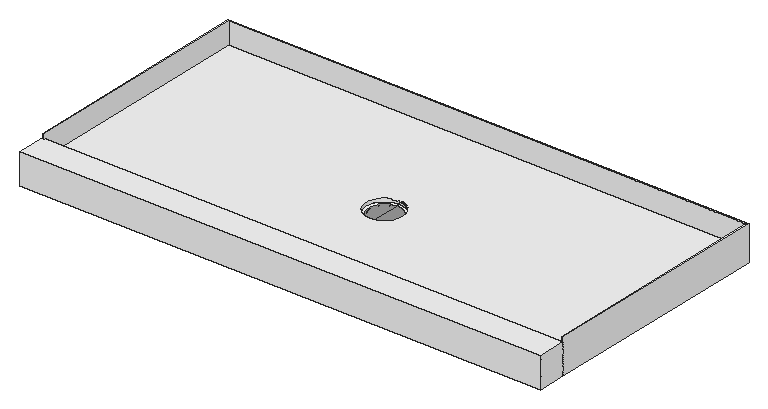
Revit family "1Plumbing-Fixture_Mincey-Marble-Manufacturing_SP-CUST-Custom-Shower-Pan", category Plumbing Fixtures, Revit 2022
Family settings
  Round Connector Dimension = Use Diameter
  Part Type = Normal
  OmniClass Number = 23.45.05.14.11.21
  Work Plane-Based = No
  Always vertical = Yes
  Cut with Voids When Loaded = No
  Maintain Annotation Orientation = No
  Shared = No
  Room Calculation Point = No
Parameters (values of type "SP-CUST - Custom Shower Pan")
  Version = 1
  Vent Connection = no
  URL = "https://minceymarble.com/"
  Product Material Note [instance] = "Available Product Material: Almond, Bone, Cream, Ivory, White, Light Gray, Putty."  # constant formula
  Length Note [instance] = "Available Length range: 60-120\""  # constant formula
  Length Limits [instance] = if(Length > 120", 120", if(Length < 60", 60", Length))  # 60"
  Keynote = "22 40 00.B3"
  Flow = 0 GPM
  Drain Vertical Offset Limits [instance] = if(or(Drain Vertical Offset = Length, Drain Vertical Offset > Length), Length Limits - 6", if(Drain Vertical Offset < 6", 6", Drain Vertical Offset))  # 30"
  Drain Vertical Offset [instance] = 30"
  Drain Horizontal Offset Limits [instance] = if(or(Drain Horizontal Offset = Depth, Drain Horizontal Offset > Depth), Depth Limits - 9.25", if(Drain Horizontal Offset < 6", 6", Drain Horizontal Offset))  # 15"
  Drain Horizontal Offset [instance] = 15"
  Drain Diameter = 2"
  Drain Cover Material Note [instance] = "Available Drain Cover Material: Solid, Decorative Metal"  # constant formula
  Depth Note [instance] = "Available Depth range: 30-60\""  # constant formula
  Depth Limits [instance] = if(Depth > 60", 60", if(Depth < 30", 30", Depth))  # 30"
  Depth [instance] = 30"
  Product data url = ""
  Product Page URL = "https://minceymarble.com/product/shower-pans-cust-traditional"
  Product Material [instance] = Mincey Marble Manufacturing - Cast Marble - White
  Product Documentation Link = "https://minceymarble.com/products-specifications-shower-pans-cust-traditional"
  Model = "SP-CUST"
  Manufacturer = "Mincey Marble Manufacturing"  # constant formula
  Length [instance] = 60"
  Height = 3.5"  # constant formula
  Drain Cover Material [instance] = Mincey Marble Manufacturing - PVC - Solid
  Description = "Custom Built Shower Pan"
  Default Elevation = 0"
  Date Updated = ""
  Date Created = "2025/08/18"  # constant formula
  Assembly Code = "D2010.60"
Reference planes (in)
  plane 1 "Center (Front/Back)": y = 0
  plane 2: z = 0
  plane 3 "Center (Left/Right)": x = 0
  plane 4: x = -30
  plane 5: x = 30
  plane 6: y = 15
  plane 7: y = -15
  plane 8: z = 3.5
  plane 9: z = 4
  plane 10 "Drain 1": y = 0
  plane 11 "Drain 2": x = 0
  plane 12: z = 1.5
Forms (in)
  Extrusion 1, solid, material "Mincey Marble Manufacturing - Cast Marble - White" <- "Product Material", detail levels medium+fine
    sketch origin (0, 0, 0) x (1, 0, 0) y (0, 1, 0)
      loop
        line (-30, 15) -> (-30, -11.75) -> (30, -11.75) -> (30, 15) -> (-30, 15)
    from 0 to 1.5
  Extrusion 2, solid, material "Mincey Marble Manufacturing - Cast Marble - White" <- "Product Material", detail levels medium+fine
    sketch origin (0, 0, 0) x (1, 0, 0) y (0, 1, 0)
      loop
        line (-30, 15) -> (-30, -11.75) -> (-29.87, -11.75) -> (-29.87, 14.87) -> (29.87, 14.87) -> (29.87, -11.75) -> (30, -11.75) -> (30, 15) -> (-30, 15)
    from 1.5 to 4
  Extrusion 3, solid, material "Mincey Marble Manufacturing - Cast Marble - White" <- "Product Material", detail levels medium+fine
    sketch origin (0, 0, 0) x (1, 0, 0) y (0, 1, 0)
      loop
        line (-30, -15) -> (30, -15) -> (30, -11.75) -> (-30, -11.75) -> (-30, -15)
    from 0 to 3.5
  Revolve 4, void, detail levels medium+fine
    sketch origin (0, 8.18391, 48) x (0, 1, 0) y (0, 0, 1)
      loop
        line (-8.18391, -48) -> (-6.55891, -48) -> (-6.55891, -47) -> (-6.05891, -46.88) -> (-6.05891, -46.5) -> (-8.18391, -46.5) -> (-8.18391, -48)
      axis (-8.18391, -48) -> (-8.18391, -46.5)
    angle from 0 to 360
  Extrusion 5, solid, material "Mincey Marble Manufacturing - Cast Marble - White" <- "Product Material", detail levels coarse
    sketch origin (0, 0, 0) x (1, 0, 0) y (0, 0, 1)
      loop
        line (-30, 3.5) -> (-30, 0) -> (30, 0) -> (30, 3.5) -> (-30, 3.5)
    from -15 to 15
  Revolve 6, solid, material "Mincey Marble Manufacturing - PVC - Solid" <- "Drain Cover Material", detail levels medium+fine
    sketch origin (0, 8.18391, 48) x (0, 1, 0) y (0, 0, 1)
      loop
        line (-6.29578, -46.93685) -> (-8.18391, -46.93685) -> (-8.18391, -47) -> (-6.55891, -47) -> (-6.29578, -46.93685)
      axis (-8.18391, -47) -> (-8.18391, -46.93685)
    angle from 0 to 360
  Extrusion 7, solid, not visible
    sketch origin (0, 0, 0) x (1, 0, 0) y (0, 1, 0)
      loop
        circle (0, 0) r 0.5
    from 0 to 0.62
Cuts and joins
  Revolve 4 cuts Extrusion 1
  joined: Extrusion 1, Extrusion 2
Lines and regions (in)
  Masking region 1
    outline origin (0, 0, 0) x (1, 0, 0) y (0, 1, 0)
      loop
        line (-30, 15) -> (-30, -15) -> (30, -15) -> (30, 15) -> (-30, 15)
  symbolic lines, detail levels medium+fine
    curve 1: line (-29.87, 14.87, 0) -> (-29.87, -11.75, 0)
    curve 2: line (-29.87, 14.87, 0) -> (29.87, 14.87, 0)
    curve 3: line (29.87, 14.87, 0) -> (29.87, -11.75, 0)
    curve 4: line (30, -11.75, 0) -> (-30, -11.75, 0)
    curve 5: circle (0, 0, 0) r 2.125 normal (0, 0, 1)
    curve 6: arc (0, 1.88813, 0) -> (-1.88813, 0, 0) -> (0, -1.88813, 0) r 1.88813
    curve 7: arc (0, -1.88813, 0) -> (1.88813, 0, 0) -> (0, 1.88813, 0) r 1.88813
Dimensions and locks (in)
  equal spacing: plane 4, plane 3 "Center (Left/Right)", plane 5
  "Length Limits": plane 4 to plane 5
  equal spacing: plane 6, plane 1 "Center (Front/Back)", plane 7
  "Depth Limits": plane 6 to plane 7
  "Drain Horizontal Offset Limits": plane 6 to plane 10 "Drain 1"
  "Drain Vertical Offset Limits": plane 11 "Drain 2" to plane 5
  locked: plane 4 to Extrusion 2 sketch curve at 0.13
  locked: plane 6 to Extrusion 2 sketch curve at 0.13
  locked: Extrusion 2 sketch curve to plane 5 at 0.13
  Revolve 4 sketch curve to Revolve 4 sketch curve to plane 10 "Drain 1" = 0.5" locked, 1.625" locked
  Extrusion 5 sketch curve to level = 3.5"
  locked: plane 11 "Drain 2" to curve 5
  locked: plane 10 "Drain 1" to curve 5
  locked: Extrusion 3 sketch curve to plane 7 at 3.25
  locked: plane 11 "Drain 2" to Extrusion 7 sketch curve
  locked: plane 10 "Drain 1" to Extrusion 7 sketch curve
  Revolve 6 sketch curve to Revolve 6 sketch curve to plane 10 "Drain 1" = 0.26313" locked, 1.625" locked
  aligned and locked: plane 2 to level
  aligned and locked: Extrusion 1 sketch curve to plane 4
  aligned and locked: Extrusion 1 sketch curve to plane 6
  aligned and locked: Extrusion 1 sketch curve to plane 5
  aligned and locked: plane 12 to Extrusion 1
  aligned and locked: Extrusion 1 to level
  aligned and locked: Extrusion 2 sketch curve to plane 4
  aligned and locked: Extrusion 2 sketch curve to plane 6
  aligned and locked: Extrusion 2 sketch curve to plane 5
  aligned and locked: Extrusion 2 to Extrusion 1
  aligned and locked: plane 9 to Extrusion 2
  aligned and locked: Extrusion 3 sketch curve to plane 7
  aligned and locked: Extrusion 3 sketch curve to plane 4
  aligned and locked: Extrusion 3 sketch curve to plane 5
  aligned and locked: plane 8 to Extrusion 3
  aligned and locked: Revolve 4 sketch curve to plane 10 "Drain 1"
  aligned and locked: plane 10 "Drain 1" to Revolve 4 sketch curve
  aligned and locked: Masking region 1 sketch curve to plane 4
  aligned and locked: Masking region 1 sketch curve to plane 5
  aligned and locked: Masking region 1 sketch curve to plane 6
  aligned and locked: Masking region 1 sketch curve to plane 7
  aligned and locked: Extrusion 5 sketch curve to plane 4
  aligned and locked: Extrusion 5 sketch curve to plane 5
  aligned and locked: Extrusion 5 sketch curve to level
  aligned and locked: plane 6 to Extrusion 5
  aligned and locked: Revolve 6 sketch curve to plane 10 "Drain 1"
  aligned and locked: plane 10 "Drain 1" to Revolve 6 sketch curve
  aligned and locked: Extrusion 7 to level
  aligned and locked: plane 2 to Revolve 4 sketch curve
  aligned and locked: curve 6 to Revolve 6
  aligned and locked: curve 7 to Revolve 6
  aligned and locked: Extrusion 5 to plane 7
  aligned and locked: plane 8 to Extrusion 5
Automatic sketch dimensions
  Revolve 4 sketch curve to level = 12"
  plane 9 to Revolve 4 sketch curve = 92"
  curve 4 to plane 4 = 0"
  curve 4 to plane 5 = 0"
  plane 4 to curve 2 = 0.13"
  curve 3 to plane 5 = 0.13"
  curve 3 to plane 6 = 0.13"
  plane 7 to curve 3 = 3.25"
  plane 7 to Extrusion 2 sketch curve = 3.25"  (x2)
  plane 7 to Extrusion 1 sketch curve = 3.25"
  level to Revolve 4 sketch curve = 1"
  Revolve 4 sketch curve to Revolve 4 sketch curve = 0.12"
  Revolve 4 sketch curve to Revolve 4 sketch curve = 0.38"
  Revolve 6 sketch curve to Revolve 6 sketch curve = 0.06315"
  Revolve 6 sketch curve to plane 12 = 0.43685"
  Revolve 6 sketch curve to level = 12"
  plane 9 to Revolve 6 sketch curve = 92"
  radius of curve 5 = 2.125"
  radius of Extrusion 7 sketch curve = 0.5"
Connectors (in)
  piping at (0, 0, 0), diameter 2, driven by "Drain Diameter", driven by "Flow"
    settings: on Extrusion 7, index 1, connector inside diameter 24", connector length 0", flow factor 0, pipe flow 0 GPM, pressure drop 0.00 psi, fitting loss kfactor 0, connector angle 0.00°, fixture units 0, engagement length 0", angle of deflection 0.00°, flow configuration 0, flow direction 2, fitting loss method 0, system type 16, joint type 0, gender type 0, connector reference index -1, connector utility 0, adjustable connector no, is connector primary yes, connector description "Drain"
